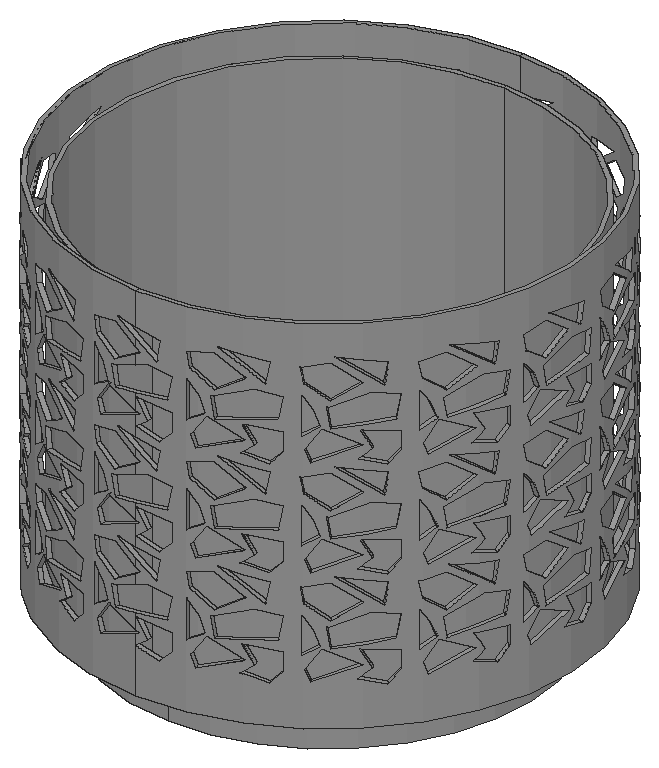
Revit family "14833 Цветочница «Филигран» малая, диаметр 600 мм Хоббика", category Антураж, Revit 2018 (continued)
Automatic sketch dimensions
  Extrusion 6 sketch curve to Extrusion 6 sketch curve = 1.161 mm  (x2)
  Extrusion 6 sketch curve to Extrusion 6 sketch curve = 17.322 mm  (x3)
  Extrusion 6 sketch curve to Extrusion 6 sketch curve = 14.512 mm  (x3)
  Extrusion 6 sketch curve to Extrusion 6 sketch curve = 12.222 mm  (x3)
  Extrusion 6 sketch curve to Extrusion 6 sketch curve = 6.775 mm  (x3)
  Extrusion 6 sketch curve to Extrusion 6 sketch curve = 8.395 mm  (x3)
  Extrusion 6 sketch curve to Extrusion 6 sketch curve = 4.105 mm  (x3)
  Extrusion 6 sketch curve to Extrusion 6 sketch curve = 6.071 mm  (x3)
  Extrusion 6 sketch curve to Extrusion 6 sketch curve = 22.659 mm  (x2)
  Extrusion 6 sketch curve to Extrusion 6 sketch curve = 3.307 mm  (x3)
  Extrusion 6 sketch curve to Extrusion 6 sketch curve = 28.051 mm  (x3)
  Extrusion 6 sketch curve to Extrusion 6 sketch curve = 0.133 mm  (x3)
  Extrusion 6 sketch curve to Extrusion 6 sketch curve = 4.057 mm  (x3)
  Extrusion 6 sketch curve to Extrusion 6 sketch curve = 8.628 mm  (x3)
  Extrusion 6 sketch curve to Extrusion 6 sketch curve = 0.747 mm  (x3)
  Extrusion 6 sketch curve to Extrusion 6 sketch curve = 12.025 mm  (x3)
  Extrusion 6 sketch curve to Extrusion 6 sketch curve = 19.647 mm  (x2)
  Extrusion 6 sketch curve to Extrusion 6 sketch curve = 10.899 mm
  Extrusion 6 sketch curve to Extrusion 6 sketch curve = 5.332 mm  (x3)
  Extrusion 6 sketch curve to Extrusion 6 sketch curve = 9.934 mm  (x3)
  Extrusion 6 sketch curve to Extrusion 6 sketch curve = 2.998 mm  (x2)
  Extrusion 6 sketch curve to Extrusion 6 sketch curve = 4.288 mm
  Extrusion 6 sketch curve to Extrusion 6 sketch curve = 3.276 mm  (x3)
  Extrusion 6 sketch curve to Extrusion 6 sketch curve = 6.92 mm
  Extrusion 6 sketch curve to Extrusion 6 sketch curve = 42.355 mm
  Extrusion 6 sketch curve to Extrusion 6 sketch curve = 12.129 mm  (x3)
  Extrusion 6 sketch curve to Extrusion 6 sketch curve = 6.863 mm  (x3)
  Extrusion 6 sketch curve to Extrusion 6 sketch curve = 7.591 mm  (x3)
  Extrusion 6 sketch curve to Extrusion 6 sketch curve = 2.502 mm  (x3)
  Extrusion 6 sketch curve to Extrusion 6 sketch curve = 18.794 mm  (x3)
  Extrusion 6 sketch curve to Extrusion 6 sketch curve = 1.999 mm  (x3)
  Extrusion 6 sketch curve to Extrusion 6 sketch curve = 0.469 mm  (x3)
  Extrusion 6 sketch curve to Extrusion 6 sketch curve = 0.813 mm  (x3)
  Extrusion 6 sketch curve to Extrusion 6 sketch curve = 12.985 mm  (x3)
  Extrusion 6 sketch curve to Extrusion 6 sketch curve = 9.416 mm  (x3)
  Extrusion 6 sketch curve to Extrusion 6 sketch curve = 17.736 mm  (x3)
  Extrusion 6 sketch curve to Extrusion 6 sketch curve = 3.915 mm  (x3)
  Extrusion 6 sketch curve to Extrusion 6 sketch curve = 13.764 mm  (x3)
  Extrusion 6 sketch curve to Extrusion 6 sketch curve = 22.054 mm  (x3)
  Extrusion 6 sketch curve to Extrusion 6 sketch curve = 14.947 mm  (x3)
  Extrusion 6 sketch curve to Extrusion 6 sketch curve = 4.066 mm  (x2)
  Extrusion 6 sketch curve to Extrusion 6 sketch curve = 7.212 mm  (x2)
  Extrusion 6 sketch curve to Extrusion 6 sketch curve = 9.476 mm  (x2)
  Extrusion 6 sketch curve to Extrusion 6 sketch curve = 16.488 mm  (x2)
  Extrusion 6 sketch curve to Extrusion 6 sketch curve = 3.775 mm  (x2)
  Extrusion 6 sketch curve to Extrusion 6 sketch curve = 10.694 mm  (x3)
  Extrusion 6 sketch curve to Extrusion 6 sketch curve = 11.353 mm  (x3)
  Extrusion 6 sketch curve to Extrusion 6 sketch curve = 18.581 mm
  Extrusion 6 sketch curve to Extrusion 6 sketch curve = 32.851 mm
  Extrusion 6 sketch curve to Extrusion 6 sketch curve = 3.9 mm
  Extrusion 7 sketch curve to Extrusion 7 sketch curve = 0 mm  (x4)
  Extrusion 7 sketch curve to Extrusion 7 sketch curve = 4.689 mm  (x4)
  Extrusion 7 sketch curve to Extrusion 7 sketch curve = 12.981 mm  (x3)
  Extrusion 7 sketch curve to Extrusion 7 sketch curve = 14.142 mm  (x4)
  Extrusion 7 sketch curve to Extrusion 7 sketch curve = 1.161 mm  (x2)
  Extrusion 7 sketch curve to Extrusion 7 sketch curve = 17.322 mm  (x3)
  Extrusion 7 sketch curve to Extrusion 7 sketch curve = 14.512 mm  (x3)
  Extrusion 7 sketch curve to Extrusion 7 sketch curve = 12.222 mm  (x3)
  Extrusion 7 sketch curve to Extrusion 7 sketch curve = 6.775 mm  (x3)
  Extrusion 7 sketch curve to Extrusion 7 sketch curve = 8.395 mm  (x3)
  Extrusion 7 sketch curve to Extrusion 7 sketch curve = 4.105 mm  (x3)
  Extrusion 7 sketch curve to Extrusion 7 sketch curve = 6.071 mm  (x3)
  Extrusion 7 sketch curve to Extrusion 7 sketch curve = 22.659 mm  (x2)
  Extrusion 7 sketch curve to Extrusion 7 sketch curve = 3.307 mm  (x3)
  Extrusion 7 sketch curve to Extrusion 7 sketch curve = 28.051 mm  (x3)
  Extrusion 7 sketch curve to Extrusion 7 sketch curve = 0.133 mm  (x3)
  Extrusion 7 sketch curve to Extrusion 7 sketch curve = 4.057 mm  (x3)
  Extrusion 7 sketch curve to Extrusion 7 sketch curve = 8.628 mm  (x3)
  Extrusion 7 sketch curve to Extrusion 7 sketch curve = 0.747 mm  (x3)
  Extrusion 7 sketch curve to Extrusion 7 sketch curve = 12.025 mm  (x3)
  Extrusion 7 sketch curve to Extrusion 7 sketch curve = 19.647 mm  (x2)
  Extrusion 7 sketch curve to Extrusion 7 sketch curve = 10.899 mm
  Extrusion 7 sketch curve to Extrusion 7 sketch curve = 5.332 mm  (x3)
  Extrusion 7 sketch curve to Extrusion 7 sketch curve = 9.934 mm  (x3)
  Extrusion 7 sketch curve to Extrusion 7 sketch curve = 2.998 mm  (x2)
  Extrusion 7 sketch curve to Extrusion 7 sketch curve = 4.288 mm
  Extrusion 7 sketch curve to Extrusion 7 sketch curve = 3.276 mm  (x3)
  Extrusion 7 sketch curve to Extrusion 7 sketch curve = 6.92 mm
  Extrusion 7 sketch curve to Extrusion 7 sketch curve = 42.355 mm
  Extrusion 7 sketch curve to Extrusion 7 sketch curve = 12.129 mm  (x3)
  Extrusion 7 sketch curve to Extrusion 7 sketch curve = 6.863 mm  (x3)
  Extrusion 7 sketch curve to Extrusion 7 sketch curve = 7.591 mm  (x3)
  Extrusion 7 sketch curve to Extrusion 7 sketch curve = 2.502 mm  (x3)
  Extrusion 7 sketch curve to Extrusion 7 sketch curve = 18.794 mm  (x3)
  Extrusion 7 sketch curve to Extrusion 7 sketch curve = 1.999 mm  (x3)
  Extrusion 7 sketch curve to Extrusion 7 sketch curve = 0.469 mm  (x3)
  Extrusion 7 sketch curve to Extrusion 7 sketch curve = 0.813 mm  (x3)
  Extrusion 7 sketch curve to Extrusion 7 sketch curve = 12.985 mm  (x3)
  Extrusion 7 sketch curve to Extrusion 7 sketch curve = 9.416 mm  (x3)
  Extrusion 7 sketch curve to Extrusion 7 sketch curve = 17.736 mm  (x3)
  Extrusion 7 sketch curve to Extrusion 7 sketch curve = 3.915 mm  (x3)
  Extrusion 7 sketch curve to Extrusion 7 sketch curve = 13.764 mm  (x3)
  Extrusion 7 sketch curve to Extrusion 7 sketch curve = 22.054 mm  (x3)
  Extrusion 7 sketch curve to Extrusion 7 sketch curve = 14.947 mm  (x3)
  Extrusion 7 sketch curve to Extrusion 7 sketch curve = 4.066 mm  (x2)
  Extrusion 7 sketch curve to Extrusion 7 sketch curve = 7.212 mm  (x2)
  Extrusion 7 sketch curve to Extrusion 7 sketch curve = 9.476 mm  (x2)
  Extrusion 7 sketch curve to Extrusion 7 sketch curve = 16.488 mm  (x2)
  Extrusion 7 sketch curve to Extrusion 7 sketch curve = 3.775 mm  (x2)
  Extrusion 7 sketch curve to Extrusion 7 sketch curve = 10.694 mm  (x3)
  Extrusion 7 sketch curve to Extrusion 7 sketch curve = 11.353 mm  (x3)
  Extrusion 7 sketch curve to Extrusion 7 sketch curve = 18.581 mm
  Extrusion 7 sketch curve to Extrusion 7 sketch curve = 32.851 mm
  Extrusion 7 sketch curve to Extrusion 7 sketch curve = 3.9 mm
  Extrusion 8 sketch curve to Extrusion 8 sketch curve = 0 mm  (x4)
  Extrusion 8 sketch curve to Extrusion 8 sketch curve = 4.689 mm  (x4)
  Extrusion 8 sketch curve to Extrusion 8 sketch curve = 12.981 mm  (x3)
  Extrusion 8 sketch curve to Extrusion 8 sketch curve = 14.142 mm  (x4)
  Extrusion 8 sketch curve to Extrusion 8 sketch curve = 1.161 mm  (x2)
  Extrusion 8 sketch curve to Extrusion 8 sketch curve = 17.322 mm  (x3)
  Extrusion 8 sketch curve to Extrusion 8 sketch curve = 14.512 mm  (x3)
  Extrusion 8 sketch curve to Extrusion 8 sketch curve = 12.222 mm  (x3)
  Extrusion 8 sketch curve to Extrusion 8 sketch curve = 6.775 mm  (x3)
  Extrusion 8 sketch curve to Extrusion 8 sketch curve = 8.395 mm  (x3)
  Extrusion 8 sketch curve to Extrusion 8 sketch curve = 4.105 mm  (x3)
  Extrusion 8 sketch curve to Extrusion 8 sketch curve = 6.071 mm  (x3)
  Extrusion 8 sketch curve to Extrusion 8 sketch curve = 22.659 mm  (x2)
  Extrusion 8 sketch curve to Extrusion 8 sketch curve = 3.307 mm  (x3)
  Extrusion 8 sketch curve to Extrusion 8 sketch curve = 28.051 mm  (x3)
  Extrusion 8 sketch curve to Extrusion 8 sketch curve = 0.133 mm  (x3)
  Extrusion 8 sketch curve to Extrusion 8 sketch curve = 4.057 mm  (x3)
  Extrusion 8 sketch curve to Extrusion 8 sketch curve = 8.628 mm  (x3)
  Extrusion 8 sketch curve to Extrusion 8 sketch curve = 0.747 mm  (x3)
  Extrusion 8 sketch curve to Extrusion 8 sketch curve = 12.025 mm  (x3)
  Extrusion 8 sketch curve to Extrusion 8 sketch curve = 19.647 mm  (x2)
  Extrusion 8 sketch curve to Extrusion 8 sketch curve = 10.899 mm
  Extrusion 8 sketch curve to Extrusion 8 sketch curve = 5.332 mm  (x3)
  Extrusion 8 sketch curve to Extrusion 8 sketch curve = 9.934 mm  (x3)
  Extrusion 8 sketch curve to Extrusion 8 sketch curve = 2.998 mm  (x2)
  Extrusion 8 sketch curve to Extrusion 8 sketch curve = 4.288 mm
  Extrusion 8 sketch curve to Extrusion 8 sketch curve = 3.276 mm  (x3)
  Extrusion 8 sketch curve to Extrusion 8 sketch curve = 6.92 mm
  Extrusion 8 sketch curve to Extrusion 8 sketch curve = 42.355 mm
  Extrusion 8 sketch curve to Extrusion 8 sketch curve = 12.129 mm  (x3)
  Extrusion 8 sketch curve to Extrusion 8 sketch curve = 6.863 mm  (x3)
  Extrusion 8 sketch curve to Extrusion 8 sketch curve = 7.591 mm  (x3)
  Extrusion 8 sketch curve to Extrusion 8 sketch curve = 2.502 mm  (x3)
  Extrusion 8 sketch curve to Extrusion 8 sketch curve = 18.794 mm  (x3)
  Extrusion 8 sketch curve to Extrusion 8 sketch curve = 1.999 mm  (x3)
  Extrusion 8 sketch curve to Extrusion 8 sketch curve = 0.469 mm  (x3)
  Extrusion 8 sketch curve to Extrusion 8 sketch curve = 0.813 mm  (x3)
  Extrusion 8 sketch curve to Extrusion 8 sketch curve = 12.985 mm  (x3)
  Extrusion 8 sketch curve to Extrusion 8 sketch curve = 9.416 mm  (x3)
  Extrusion 8 sketch curve to Extrusion 8 sketch curve = 17.736 mm  (x3)
  Extrusion 8 sketch curve to Extrusion 8 sketch curve = 3.915 mm  (x3)
  Extrusion 8 sketch curve to Extrusion 8 sketch curve = 13.764 mm  (x3)
  Extrusion 8 sketch curve to Extrusion 8 sketch curve = 22.054 mm  (x3)
  Extrusion 8 sketch curve to Extrusion 8 sketch curve = 14.947 mm  (x3)
  Extrusion 8 sketch curve to Extrusion 8 sketch curve = 4.066 mm  (x2)
  Extrusion 8 sketch curve to Extrusion 8 sketch curve = 7.212 mm  (x2)
  Extrusion 8 sketch curve to Extrusion 8 sketch curve = 9.476 mm  (x2)
  Extrusion 8 sketch curve to Extrusion 8 sketch curve = 16.488 mm  (x2)
  Extrusion 8 sketch curve to Extrusion 8 sketch curve = 3.775 mm  (x2)
  Extrusion 8 sketch curve to Extrusion 8 sketch curve = 10.694 mm  (x3)
  Extrusion 8 sketch curve to Extrusion 8 sketch curve = 11.353 mm  (x3)
  Extrusion 8 sketch curve to Extrusion 8 sketch curve = 18.581 mm
  Extrusion 8 sketch curve to Extrusion 8 sketch curve = 32.851 mm
  Extrusion 8 sketch curve to Extrusion 8 sketch curve = 3.9 mm
  Extrusion 9 sketch curve to Extrusion 9 sketch curve = 0 mm  (x4)
  Extrusion 9 sketch curve to Extrusion 9 sketch curve = 4.689 mm  (x4)
  Extrusion 9 sketch curve to Extrusion 9 sketch curve = 12.981 mm  (x3)
  Extrusion 9 sketch curve to Extrusion 9 sketch curve = 14.142 mm  (x4)
  Extrusion 9 sketch curve to Extrusion 9 sketch curve = 1.161 mm  (x2)
  Extrusion 9 sketch curve to Extrusion 9 sketch curve = 17.322 mm  (x3)
  Extrusion 9 sketch curve to Extrusion 9 sketch curve = 14.512 mm  (x3)
  Extrusion 9 sketch curve to Extrusion 9 sketch curve = 12.222 mm  (x3)
  Extrusion 9 sketch curve to Extrusion 9 sketch curve = 6.775 mm  (x3)
  Extrusion 9 sketch curve to Extrusion 9 sketch curve = 8.395 mm  (x3)
  Extrusion 9 sketch curve to Extrusion 9 sketch curve = 4.105 mm  (x3)
  Extrusion 9 sketch curve to Extrusion 9 sketch curve = 6.071 mm  (x3)
  Extrusion 9 sketch curve to Extrusion 9 sketch curve = 22.659 mm  (x2)
  Extrusion 9 sketch curve to Extrusion 9 sketch curve = 3.307 mm  (x3)
  Extrusion 9 sketch curve to Extrusion 9 sketch curve = 28.051 mm  (x3)
  Extrusion 9 sketch curve to Extrusion 9 sketch curve = 0.133 mm  (x3)
  Extrusion 9 sketch curve to Extrusion 9 sketch curve = 4.057 mm  (x3)
  Extrusion 9 sketch curve to Extrusion 9 sketch curve = 8.628 mm  (x3)
  Extrusion 9 sketch curve to Extrusion 9 sketch curve = 0.747 mm  (x3)
  Extrusion 9 sketch curve to Extrusion 9 sketch curve = 12.025 mm  (x3)
  Extrusion 9 sketch curve to Extrusion 9 sketch curve = 19.647 mm  (x2)
  Extrusion 9 sketch curve to Extrusion 9 sketch curve = 10.899 mm
  Extrusion 9 sketch curve to Extrusion 9 sketch curve = 5.332 mm  (x3)
  Extrusion 9 sketch curve to Extrusion 9 sketch curve = 9.934 mm  (x3)
  Extrusion 9 sketch curve to Extrusion 9 sketch curve = 2.998 mm  (x2)
  Extrusion 9 sketch curve to Extrusion 9 sketch curve = 4.288 mm
  Extrusion 9 sketch curve to Extrusion 9 sketch curve = 3.276 mm  (x3)
  Extrusion 9 sketch curve to Extrusion 9 sketch curve = 6.92 mm
  Extrusion 9 sketch curve to Extrusion 9 sketch curve = 42.355 mm
  Extrusion 9 sketch curve to Extrusion 9 sketch curve = 12.129 mm  (x3)
  Extrusion 9 sketch curve to Extrusion 9 sketch curve = 6.863 mm  (x3)
  Extrusion 9 sketch curve to Extrusion 9 sketch curve = 7.591 mm  (x3)
  Extrusion 9 sketch curve to Extrusion 9 sketch curve = 2.502 mm  (x3)
  Extrusion 9 sketch curve to Extrusion 9 sketch curve = 18.794 mm  (x3)
  Extrusion 9 sketch curve to Extrusion 9 sketch curve = 1.999 mm  (x3)
  Extrusion 9 sketch curve to Extrusion 9 sketch curve = 0.469 mm  (x3)
  Extrusion 9 sketch curve to Extrusion 9 sketch curve = 0.813 mm  (x3)
  Extrusion 9 sketch curve to Extrusion 9 sketch curve = 12.985 mm  (x3)
  Extrusion 9 sketch curve to Extrusion 9 sketch curve = 9.416 mm  (x3)
  Extrusion 9 sketch curve to Extrusion 9 sketch curve = 17.736 mm  (x3)
  Extrusion 9 sketch curve to Extrusion 9 sketch curve = 3.915 mm  (x3)
  Extrusion 9 sketch curve to Extrusion 9 sketch curve = 13.764 mm  (x3)
  Extrusion 9 sketch curve to Extrusion 9 sketch curve = 22.054 mm  (x3)
  Extrusion 9 sketch curve to Extrusion 9 sketch curve = 14.947 mm  (x3)
  Extrusion 9 sketch curve to Extrusion 9 sketch curve = 4.066 mm  (x2)
  Extrusion 9 sketch curve to Extrusion 9 sketch curve = 7.212 mm  (x2)
  Extrusion 9 sketch curve to Extrusion 9 sketch curve = 9.476 mm  (x2)
  Extrusion 9 sketch curve to Extrusion 9 sketch curve = 16.488 mm  (x2)
  Extrusion 9 sketch curve to Extrusion 9 sketch curve = 3.775 mm  (x2)
  Extrusion 9 sketch curve to Extrusion 9 sketch curve = 10.694 mm  (x3)
  Extrusion 9 sketch curve to Extrusion 9 sketch curve = 11.353 mm  (x3)
  Extrusion 9 sketch curve to Extrusion 9 sketch curve = 18.581 mm
  Extrusion 9 sketch curve to Extrusion 9 sketch curve = 32.851 mm
  Extrusion 9 sketch curve to Extrusion 9 sketch curve = 3.9 mm
  Extrusion 10 sketch curve to Extrusion 10 sketch curve = 0 mm  (x4)
  Extrusion 10 sketch curve to Extrusion 10 sketch curve = 4.689 mm  (x4)
  Extrusion 10 sketch curve to Extrusion 10 sketch curve = 12.981 mm  (x3)
  Extrusion 10 sketch curve to Extrusion 10 sketch curve = 14.142 mm  (x4)
  Extrusion 10 sketch curve to Extrusion 10 sketch curve = 1.161 mm  (x2)
  Extrusion 10 sketch curve to Extrusion 10 sketch curve = 17.322 mm  (x3)
  Extrusion 10 sketch curve to Extrusion 10 sketch curve = 14.512 mm  (x3)
  Extrusion 10 sketch curve to Extrusion 10 sketch curve = 12.222 mm  (x3)
  Extrusion 10 sketch curve to Extrusion 10 sketch curve = 6.775 mm  (x3)
  Extrusion 10 sketch curve to Extrusion 10 sketch curve = 8.395 mm  (x3)
  Extrusion 10 sketch curve to Extrusion 10 sketch curve = 4.105 mm  (x3)
  Extrusion 10 sketch curve to Extrusion 10 sketch curve = 6.071 mm  (x3)
  Extrusion 10 sketch curve to Extrusion 10 sketch curve = 22.659 mm  (x2)
  Extrusion 10 sketch curve to Extrusion 10 sketch curve = 3.307 mm  (x3)
  Extrusion 10 sketch curve to Extrusion 10 sketch curve = 28.051 mm  (x3)
  Extrusion 10 sketch curve to Extrusion 10 sketch curve = 0.133 mm  (x3)
  Extrusion 10 sketch curve to Extrusion 10 sketch curve = 4.057 mm  (x3)
  Extrusion 10 sketch curve to Extrusion 10 sketch curve = 8.628 mm  (x3)
  Extrusion 10 sketch curve to Extrusion 10 sketch curve = 0.747 mm  (x3)
  Extrusion 10 sketch curve to Extrusion 10 sketch curve = 12.025 mm  (x3)
  Extrusion 10 sketch curve to Extrusion 10 sketch curve = 19.647 mm  (x2)
  Extrusion 10 sketch curve to Extrusion 10 sketch curve = 10.899 mm
  Extrusion 10 sketch curve to Extrusion 10 sketch curve = 5.332 mm  (x3)
  Extrusion 10 sketch curve to Extrusion 10 sketch curve = 9.934 mm  (x3)
  Extrusion 10 sketch curve to Extrusion 10 sketch curve = 2.998 mm  (x2)
  Extrusion 10 sketch curve to Extrusion 10 sketch curve = 4.288 mm
  Extrusion 10 sketch curve to Extrusion 10 sketch curve = 3.276 mm  (x3)
  Extrusion 10 sketch curve to Extrusion 10 sketch curve = 6.92 mm
  Extrusion 10 sketch curve to Extrusion 10 sketch curve = 42.355 mm
  Extrusion 10 sketch curve to Extrusion 10 sketch curve = 12.129 mm  (x3)
  Extrusion 10 sketch curve to Extrusion 10 sketch curve = 6.863 mm  (x3)
  Extrusion 10 sketch curve to Extrusion 10 sketch curve = 7.591 mm  (x3)
  Extrusion 10 sketch curve to Extrusion 10 sketch curve = 2.502 mm  (x3)
  Extrusion 10 sketch curve to Extrusion 10 sketch curve = 18.794 mm  (x3)
  Extrusion 10 sketch curve to Extrusion 10 sketch curve = 1.999 mm  (x3)
  Extrusion 10 sketch curve to Extrusion 10 sketch curve = 0.469 mm  (x3)
  Extrusion 10 sketch curve to Extrusion 10 sketch curve = 0.813 mm  (x3)
  Extrusion 10 sketch curve to Extrusion 10 sketch curve = 12.985 mm  (x3)
  Extrusion 10 sketch curve to Extrusion 10 sketch curve = 9.416 mm  (x3)
  Extrusion 10 sketch curve to Extrusion 10 sketch curve = 17.736 mm  (x3)
  Extrusion 10 sketch curve to Extrusion 10 sketch curve = 3.915 mm  (x3)
  Extrusion 10 sketch curve to Extrusion 10 sketch curve = 13.764 mm  (x3)
  Extrusion 10 sketch curve to Extrusion 10 sketch curve = 22.054 mm  (x3)
  Extrusion 10 sketch curve to Extrusion 10 sketch curve = 14.947 mm  (x3)
  Extrusion 10 sketch curve to Extrusion 10 sketch curve = 4.066 mm  (x2)
  Extrusion 10 sketch curve to Extrusion 10 sketch curve = 7.212 mm  (x2)
  Extrusion 10 sketch curve to Extrusion 10 sketch curve = 9.476 mm  (x2)
  Extrusion 10 sketch curve to Extrusion 10 sketch curve = 16.488 mm  (x2)
  Extrusion 10 sketch curve to Extrusion 10 sketch curve = 3.775 mm  (x2)
  Extrusion 10 sketch curve to Extrusion 10 sketch curve = 10.694 mm  (x3)
  Extrusion 10 sketch curve to Extrusion 10 sketch curve = 11.353 mm  (x3)
  Extrusion 10 sketch curve to Extrusion 10 sketch curve = 18.581 mm
  Extrusion 10 sketch curve to Extrusion 10 sketch curve = 32.851 mm
  Extrusion 10 sketch curve to Extrusion 10 sketch curve = 3.9 mm
  Extrusion 11 sketch curve to Extrusion 11 sketch curve = 0 mm  (x4)
  Extrusion 11 sketch curve to Extrusion 11 sketch curve = 4.689 mm  (x4)
  Extrusion 11 sketch curve to Extrusion 11 sketch curve = 12.981 mm  (x3)
  Extrusion 11 sketch curve to Extrusion 11 sketch curve = 14.142 mm  (x4)
  Extrusion 11 sketch curve to Extrusion 11 sketch curve = 1.161 mm  (x2)
  Extrusion 11 sketch curve to Extrusion 11 sketch curve = 17.322 mm  (x3)
  Extrusion 11 sketch curve to Extrusion 11 sketch curve = 14.512 mm  (x3)
  Extrusion 11 sketch curve to Extrusion 11 sketch curve = 12.222 mm  (x3)
  Extrusion 11 sketch curve to Extrusion 11 sketch curve = 6.775 mm  (x3)
  Extrusion 11 sketch curve to Extrusion 11 sketch curve = 8.395 mm  (x3)
  Extrusion 11 sketch curve to Extrusion 11 sketch curve = 4.105 mm  (x3)
  Extrusion 11 sketch curve to Extrusion 11 sketch curve = 6.071 mm  (x3)
  Extrusion 11 sketch curve to Extrusion 11 sketch curve = 22.659 mm  (x2)
  Extrusion 11 sketch curve to Extrusion 11 sketch curve = 3.307 mm  (x3)
  Extrusion 11 sketch curve to Extrusion 11 sketch curve = 28.051 mm  (x3)
  Extrusion 11 sketch curve to Extrusion 11 sketch curve = 0.133 mm  (x3)
  Extrusion 11 sketch curve to Extrusion 11 sketch curve = 4.057 mm  (x3)
  Extrusion 11 sketch curve to Extrusion 11 sketch curve = 8.628 mm  (x3)
  Extrusion 11 sketch curve to Extrusion 11 sketch curve = 0.747 mm  (x3)
  Extrusion 11 sketch curve to Extrusion 11 sketch curve = 12.025 mm  (x3)
  Extrusion 11 sketch curve to Extrusion 11 sketch curve = 19.647 mm  (x2)
  Extrusion 11 sketch curve to Extrusion 11 sketch curve = 10.899 mm
  Extrusion 11 sketch curve to Extrusion 11 sketch curve = 5.332 mm  (x3)
  Extrusion 11 sketch curve to Extrusion 11 sketch curve = 9.934 mm  (x3)
  Extrusion 11 sketch curve to Extrusion 11 sketch curve = 2.998 mm  (x2)
  Extrusion 11 sketch curve to Extrusion 11 sketch curve = 4.288 mm
  Extrusion 11 sketch curve to Extrusion 11 sketch curve = 3.276 mm  (x3)
  Extrusion 11 sketch curve to Extrusion 11 sketch curve = 6.92 mm
  Extrusion 11 sketch curve to Extrusion 11 sketch curve = 42.355 mm
  Extrusion 11 sketch curve to Extrusion 11 sketch curve = 12.129 mm  (x3)
  Extrusion 11 sketch curve to Extrusion 11 sketch curve = 6.863 mm  (x3)
  Extrusion 11 sketch curve to Extrusion 11 sketch curve = 7.591 mm  (x3)
  Extrusion 11 sketch curve to Extrusion 11 sketch curve = 2.502 mm  (x3)
  Extrusion 11 sketch curve to Extrusion 11 sketch curve = 18.794 mm  (x3)
  Extrusion 11 sketch curve to Extrusion 11 sketch curve = 1.999 mm  (x3)
  Extrusion 11 sketch curve to Extrusion 11 sketch curve = 0.469 mm  (x3)
  Extrusion 11 sketch curve to Extrusion 11 sketch curve = 0.813 mm  (x3)
  Extrusion 11 sketch curve to Extrusion 11 sketch curve = 12.985 mm  (x3)
  Extrusion 11 sketch curve to Extrusion 11 sketch curve = 9.416 mm  (x3)
  Extrusion 11 sketch curve to Extrusion 11 sketch curve = 17.736 mm  (x3)
  Extrusion 11 sketch curve to Extrusion 11 sketch curve = 3.915 mm  (x3)
  Extrusion 11 sketch curve to Extrusion 11 sketch curve = 13.764 mm  (x3)
  Extrusion 11 sketch curve to Extrusion 11 sketch curve = 22.054 mm  (x3)
  Extrusion 11 sketch curve to Extrusion 11 sketch curve = 14.947 mm  (x3)
  Extrusion 11 sketch curve to Extrusion 11 sketch curve = 4.066 mm  (x2)
  Extrusion 11 sketch curve to Extrusion 11 sketch curve = 7.212 mm  (x2)
  Extrusion 11 sketch curve to Extrusion 11 sketch curve = 9.476 mm  (x2)
  Extrusion 11 sketch curve to Extrusion 11 sketch curve = 16.488 mm  (x2)
  Extrusion 11 sketch curve to Extrusion 11 sketch curve = 3.775 mm  (x2)
  Extrusion 11 sketch curve to Extrusion 11 sketch curve = 10.694 mm  (x3)
  Extrusion 11 sketch curve to Extrusion 11 sketch curve = 11.353 mm  (x3)
  Extrusion 11 sketch curve to Extrusion 11 sketch curve = 18.581 mm
  Extrusion 11 sketch curve to Extrusion 11 sketch curve = 32.851 mm
  Extrusion 11 sketch curve to Extrusion 11 sketch curve = 3.9 mm
  Extrusion 12 sketch curve to Extrusion 12 sketch curve = 0 mm  (x4)
  Extrusion 12 sketch curve to Extrusion 12 sketch curve = 4.689 mm  (x4)
  Extrusion 12 sketch curve to Extrusion 12 sketch curve = 12.981 mm  (x3)
  Extrusion 12 sketch curve to Extrusion 12 sketch curve = 14.142 mm  (x4)
  Extrusion 12 sketch curve to Extrusion 12 sketch curve = 1.161 mm  (x2)
  Extrusion 12 sketch curve to Extrusion 12 sketch curve = 17.322 mm  (x3)
  Extrusion 12 sketch curve to Extrusion 12 sketch curve = 14.512 mm  (x3)
  Extrusion 12 sketch curve to Extrusion 12 sketch curve = 12.222 mm  (x3)
  Extrusion 12 sketch curve to Extrusion 12 sketch curve = 6.775 mm  (x3)
  Extrusion 12 sketch curve to Extrusion 12 sketch curve = 8.395 mm  (x3)
  Extrusion 12 sketch curve to Extrusion 12 sketch curve = 4.105 mm  (x3)
  Extrusion 12 sketch curve to Extrusion 12 sketch curve = 6.071 mm  (x3)
  Extrusion 12 sketch curve to Extrusion 12 sketch curve = 22.659 mm  (x2)
  Extrusion 12 sketch curve to Extrusion 12 sketch curve = 3.307 mm  (x3)
  Extrusion 12 sketch curve to Extrusion 12 sketch curve = 28.051 mm  (x3)
  Extrusion 12 sketch curve to Extrusion 12 sketch curve = 0.133 mm  (x3)
  Extrusion 12 sketch curve to Extrusion 12 sketch curve = 4.057 mm  (x3)
  Extrusion 12 sketch curve to Extrusion 12 sketch curve = 8.628 mm  (x3)
  Extrusion 12 sketch curve to Extrusion 12 sketch curve = 0.747 mm  (x3)
  Extrusion 12 sketch curve to Extrusion 12 sketch curve = 12.025 mm  (x3)
  Extrusion 12 sketch curve to Extrusion 12 sketch curve = 19.647 mm  (x2)
  Extrusion 12 sketch curve to Extrusion 12 sketch curve = 10.899 mm
  Extrusion 12 sketch curve to Extrusion 12 sketch curve = 5.332 mm  (x3)
  Extrusion 12 sketch curve to Extrusion 12 sketch curve = 9.934 mm  (x3)
  Extrusion 12 sketch curve to Extrusion 12 sketch curve = 2.998 mm  (x2)
  Extrusion 12 sketch curve to Extrusion 12 sketch curve = 4.288 mm
  Extrusion 12 sketch curve to Extrusion 12 sketch curve = 3.276 mm  (x3)
  Extrusion 12 sketch curve to Extrusion 12 sketch curve = 6.92 mm
  Extrusion 12 sketch curve to Extrusion 12 sketch curve = 42.355 mm
  Extrusion 12 sketch curve to Extrusion 12 sketch curve = 12.129 mm  (x3)
  Extrusion 12 sketch curve to Extrusion 12 sketch curve = 6.863 mm  (x3)
  Extrusion 12 sketch curve to Extrusion 12 sketch curve = 7.591 mm  (x3)
  Extrusion 12 sketch curve to Extrusion 12 sketch curve = 2.502 mm  (x3)
  Extrusion 12 sketch curve to Extrusion 12 sketch curve = 18.794 mm  (x3)
  Extrusion 12 sketch curve to Extrusion 12 sketch curve = 1.999 mm  (x3)
  Extrusion 12 sketch curve to Extrusion 12 sketch curve = 0.469 mm  (x3)
  Extrusion 12 sketch curve to Extrusion 12 sketch curve = 0.813 mm  (x3)
  Extrusion 12 sketch curve to Extrusion 12 sketch curve = 12.985 mm  (x3)
  Extrusion 12 sketch curve to Extrusion 12 sketch curve = 9.416 mm  (x3)
  Extrusion 12 sketch curve to Extrusion 12 sketch curve = 17.736 mm  (x3)
  Extrusion 12 sketch curve to Extrusion 12 sketch curve = 3.915 mm  (x3)
  Extrusion 12 sketch curve to Extrusion 12 sketch curve = 13.764 mm  (x3)
  Extrusion 12 sketch curve to Extrusion 12 sketch curve = 22.054 mm  (x3)
  Extrusion 12 sketch curve to Extrusion 12 sketch curve = 14.947 mm  (x3)
  Extrusion 12 sketch curve to Extrusion 12 sketch curve = 4.066 mm  (x2)
  Extrusion 12 sketch curve to Extrusion 12 sketch curve = 7.212 mm  (x2)
  Extrusion 12 sketch curve to Extrusion 12 sketch curve = 9.476 mm  (x2)
  Extrusion 12 sketch curve to Extrusion 12 sketch curve = 16.488 mm  (x2)
  Extrusion 12 sketch curve to Extrusion 12 sketch curve = 3.775 mm  (x2)
  Extrusion 12 sketch curve to Extrusion 12 sketch curve = 10.694 mm  (x3)
  Extrusion 12 sketch curve to Extrusion 12 sketch curve = 11.353 mm  (x3)
  Extrusion 12 sketch curve to Extrusion 12 sketch curve = 18.581 mm
  Extrusion 12 sketch curve to Extrusion 12 sketch curve = 32.851 mm
  Extrusion 12 sketch curve to Extrusion 12 sketch curve = 3.9 mm
  Extrusion 13 sketch curve to Extrusion 13 sketch curve = 0 mm  (x4)
  Extrusion 13 sketch curve to Extrusion 13 sketch curve = 4.689 mm  (x4)
  Extrusion 13 sketch curve to Extrusion 13 sketch curve = 12.981 mm  (x3)
  Extrusion 13 sketch curve to Extrusion 13 sketch curve = 14.142 mm  (x4)
  Extrusion 13 sketch curve to Extrusion 13 sketch curve = 1.161 mm  (x2)
  Extrusion 13 sketch curve to Extrusion 13 sketch curve = 17.322 mm  (x3)
  Extrusion 13 sketch curve to Extrusion 13 sketch curve = 14.512 mm  (x3)
  Extrusion 13 sketch curve to Extrusion 13 sketch curve = 12.222 mm  (x3)
  Extrusion 13 sketch curve to Extrusion 13 sketch curve = 6.775 mm  (x3)
  Extrusion 13 sketch curve to Extrusion 13 sketch curve = 8.395 mm  (x3)
  Extrusion 13 sketch curve to Extrusion 13 sketch curve = 4.105 mm  (x3)
  Extrusion 13 sketch curve to Extrusion 13 sketch curve = 6.071 mm  (x3)
  Extrusion 13 sketch curve to Extrusion 13 sketch curve = 22.659 mm  (x2)
  Extrusion 13 sketch curve to Extrusion 13 sketch curve = 3.307 mm  (x3)
  Extrusion 13 sketch curve to Extrusion 13 sketch curve = 28.051 mm  (x3)
  Extrusion 13 sketch curve to Extrusion 13 sketch curve = 0.133 mm  (x3)
  Extrusion 13 sketch curve to Extrusion 13 sketch curve = 4.057 mm  (x3)
  Extrusion 13 sketch curve to Extrusion 13 sketch curve = 8.628 mm  (x3)
  Extrusion 13 sketch curve to Extrusion 13 sketch curve = 0.747 mm  (x3)
  Extrusion 13 sketch curve to Extrusion 13 sketch curve = 12.025 mm  (x3)
  Extrusion 13 sketch curve to Extrusion 13 sketch curve = 19.647 mm  (x2)
  Extrusion 13 sketch curve to Extrusion 13 sketch curve = 10.899 mm
  Extrusion 13 sketch curve to Extrusion 13 sketch curve = 5.332 mm  (x3)
  Extrusion 13 sketch curve to Extrusion 13 sketch curve = 9.934 mm  (x3)
  Extrusion 13 sketch curve to Extrusion 13 sketch curve = 2.998 mm  (x2)
  Extrusion 13 sketch curve to Extrusion 13 sketch curve = 4.288 mm
  Extrusion 13 sketch curve to Extrusion 13 sketch curve = 3.276 mm  (x3)
  Extrusion 13 sketch curve to Extrusion 13 sketch curve = 6.92 mm
  Extrusion 13 sketch curve to Extrusion 13 sketch curve = 42.355 mm
  Extrusion 13 sketch curve to Extrusion 13 sketch curve = 12.129 mm  (x3)
  Extrusion 13 sketch curve to Extrusion 13 sketch curve = 6.863 mm  (x3)
  Extrusion 13 sketch curve to Extrusion 13 sketch curve = 7.591 mm  (x3)
  Extrusion 13 sketch curve to Extrusion 13 sketch curve = 2.502 mm  (x3)
  Extrusion 13 sketch curve to Extrusion 13 sketch curve = 18.794 mm  (x3)
  Extrusion 13 sketch curve to Extrusion 13 sketch curve = 1.999 mm  (x3)
  Extrusion 13 sketch curve to Extrusion 13 sketch curve = 0.469 mm  (x3)
  Extrusion 13 sketch curve to Extrusion 13 sketch curve = 0.813 mm  (x3)
  Extrusion 13 sketch curve to Extrusion 13 sketch curve = 12.985 mm  (x3)
  Extrusion 13 sketch curve to Extrusion 13 sketch curve = 9.416 mm  (x3)
  Extrusion 13 sketch curve to Extrusion 13 sketch curve = 17.736 mm  (x3)
  Extrusion 13 sketch curve to Extrusion 13 sketch curve = 3.915 mm  (x3)
  Extrusion 13 sketch curve to Extrusion 13 sketch curve = 13.764 mm  (x3)
  Extrusion 13 sketch curve to Extrusion 13 sketch curve = 22.054 mm  (x3)
  Extrusion 13 sketch curve to Extrusion 13 sketch curve = 14.947 mm  (x3)
  Extrusion 13 sketch curve to Extrusion 13 sketch curve = 4.066 mm  (x2)
  Extrusion 13 sketch curve to Extrusion 13 sketch curve = 7.212 mm  (x2)
  Extrusion 13 sketch curve to Extrusion 13 sketch curve = 9.476 mm  (x2)
  Extrusion 13 sketch curve to Extrusion 13 sketch curve = 16.488 mm  (x2)
  Extrusion 13 sketch curve to Extrusion 13 sketch curve = 3.775 mm  (x2)
  Extrusion 13 sketch curve to Extrusion 13 sketch curve = 10.694 mm  (x3)
  Extrusion 13 sketch curve to Extrusion 13 sketch curve = 11.353 mm  (x3)
  Extrusion 13 sketch curve to Extrusion 13 sketch curve = 18.581 mm
  Extrusion 13 sketch curve to Extrusion 13 sketch curve = 32.851 mm
  Extrusion 13 sketch curve to Extrusion 13 sketch curve = 3.9 mm
  Extrusion 14 sketch curve to Extrusion 14 sketch curve = 0 mm  (x4)
  Extrusion 14 sketch curve to Extrusion 14 sketch curve = 4.689 mm  (x4)
  Extrusion 14 sketch curve to Extrusion 14 sketch curve = 12.981 mm  (x3)
  Extrusion 14 sketch curve to Extrusion 14 sketch curve = 14.142 mm  (x4)
  Extrusion 14 sketch curve to Extrusion 14 sketch curve = 1.161 mm  (x2)
  Extrusion 14 sketch curve to Extrusion 14 sketch curve = 17.322 mm  (x3)
  Extrusion 14 sketch curve to Extrusion 14 sketch curve = 14.512 mm  (x3)
  Extrusion 14 sketch curve to Extrusion 14 sketch curve = 12.222 mm  (x3)
  Extrusion 14 sketch curve to Extrusion 14 sketch curve = 6.775 mm  (x3)
  Extrusion 14 sketch curve to Extrusion 14 sketch curve = 8.395 mm  (x3)
  Extrusion 14 sketch curve to Extrusion 14 sketch curve = 4.105 mm  (x3)
  Extrusion 14 sketch curve to Extrusion 14 sketch curve = 6.071 mm  (x3)
  Extrusion 14 sketch curve to Extrusion 14 sketch curve = 22.659 mm  (x2)
  Extrusion 14 sketch curve to Extrusion 14 sketch curve = 3.307 mm  (x3)
  Extrusion 14 sketch curve to Extrusion 14 sketch curve = 28.051 mm  (x3)
  Extrusion 14 sketch curve to Extrusion 14 sketch curve = 0.133 mm  (x3)
  Extrusion 14 sketch curve to Extrusion 14 sketch curve = 4.057 mm  (x3)
  Extrusion 14 sketch curve to Extrusion 14 sketch curve = 8.628 mm  (x3)
  Extrusion 14 sketch curve to Extrusion 14 sketch curve = 0.747 mm  (x3)
  Extrusion 14 sketch curve to Extrusion 14 sketch curve = 12.025 mm  (x3)
  Extrusion 14 sketch curve to Extrusion 14 sketch curve = 19.647 mm  (x2)
  Extrusion 14 sketch curve to Extrusion 14 sketch curve = 10.899 mm
  Extrusion 14 sketch curve to Extrusion 14 sketch curve = 5.332 mm  (x3)
  Extrusion 14 sketch curve to Extrusion 14 sketch curve = 9.934 mm  (x3)
  Extrusion 14 sketch curve to Extrusion 14 sketch curve = 2.998 mm  (x2)
  Extrusion 14 sketch curve to Extrusion 14 sketch curve = 4.288 mm
  Extrusion 14 sketch curve to Extrusion 14 sketch curve = 3.276 mm  (x3)
  Extrusion 14 sketch curve to Extrusion 14 sketch curve = 6.92 mm
  Extrusion 14 sketch curve to Extrusion 14 sketch curve = 42.355 mm
  Extrusion 14 sketch curve to Extrusion 14 sketch curve = 12.129 mm  (x3)
  Extrusion 14 sketch curve to Extrusion 14 sketch curve = 6.863 mm  (x3)
  Extrusion 14 sketch curve to Extrusion 14 sketch curve = 7.591 mm  (x3)
  Extrusion 14 sketch curve to Extrusion 14 sketch curve = 2.502 mm  (x3)
  Extrusion 14 sketch curve to Extrusion 14 sketch curve = 18.794 mm  (x3)
  Extrusion 14 sketch curve to Extrusion 14 sketch curve = 1.999 mm  (x3)
  Extrusion 14 sketch curve to Extrusion 14 sketch curve = 0.469 mm  (x3)
  Extrusion 14 sketch curve to Extrusion 14 sketch curve = 0.813 mm  (x3)
  Extrusion 14 sketch curve to Extrusion 14 sketch curve = 12.985 mm  (x3)
  Extrusion 14 sketch curve to Extrusion 14 sketch curve = 9.416 mm  (x3)
  Extrusion 14 sketch curve to Extrusion 14 sketch curve = 17.736 mm  (x3)
  Extrusion 14 sketch curve to Extrusion 14 sketch curve = 3.915 mm  (x3)
  Extrusion 14 sketch curve to Extrusion 14 sketch curve = 13.764 mm  (x3)
  Extrusion 14 sketch curve to Extrusion 14 sketch curve = 22.054 mm  (x3)
  Extrusion 14 sketch curve to Extrusion 14 sketch curve = 14.947 mm  (x3)
  Extrusion 14 sketch curve to Extrusion 14 sketch curve = 4.066 mm  (x2)
  Extrusion 14 sketch curve to Extrusion 14 sketch curve = 7.212 mm  (x2)
  Extrusion 14 sketch curve to Extrusion 14 sketch curve = 9.476 mm  (x2)
  Extrusion 14 sketch curve to Extrusion 14 sketch curve = 16.488 mm  (x2)
  Extrusion 14 sketch curve to Extrusion 14 sketch curve = 3.775 mm  (x2)
  Extrusion 14 sketch curve to Extrusion 14 sketch curve = 10.694 mm  (x3)
  Extrusion 14 sketch curve to Extrusion 14 sketch curve = 11.353 mm  (x3)
  Extrusion 14 sketch curve to Extrusion 14 sketch curve = 18.581 mm
  Extrusion 14 sketch curve to Extrusion 14 sketch curve = 32.851 mm
  Extrusion 14 sketch curve to Extrusion 14 sketch curve = 3.9 mm
  Extrusion 15 sketch curve to Extrusion 15 sketch curve = 0 mm  (x4)
  Extrusion 15 sketch curve to Extrusion 15 sketch curve = 4.689 mm  (x4)
  Extrusion 15 sketch curve to Extrusion 15 sketch curve = 12.981 mm  (x3)
  Extrusion 15 sketch curve to Extrusion 15 sketch curve = 14.142 mm  (x4)
  Extrusion 15 sketch curve to Extrusion 15 sketch curve = 1.161 mm  (x2)
  Extrusion 15 sketch curve to Extrusion 15 sketch curve = 17.322 mm  (x3)
  Extrusion 15 sketch curve to Extrusion 15 sketch curve = 14.512 mm  (x3)
  Extrusion 15 sketch curve to Extrusion 15 sketch curve = 12.222 mm  (x3)
  Extrusion 15 sketch curve to Extrusion 15 sketch curve = 6.775 mm  (x3)
  Extrusion 15 sketch curve to Extrusion 15 sketch curve = 8.395 mm  (x3)
  Extrusion 15 sketch curve to Extrusion 15 sketch curve = 4.105 mm  (x3)
  Extrusion 15 sketch curve to Extrusion 15 sketch curve = 6.071 mm  (x3)
  Extrusion 15 sketch curve to Extrusion 15 sketch curve = 22.659 mm  (x2)
  Extrusion 15 sketch curve to Extrusion 15 sketch curve = 3.307 mm  (x3)
  Extrusion 15 sketch curve to Extrusion 15 sketch curve = 28.051 mm  (x3)
  Extrusion 15 sketch curve to Extrusion 15 sketch curve = 0.133 mm  (x3)
  Extrusion 15 sketch curve to Extrusion 15 sketch curve = 4.057 mm  (x3)
  Extrusion 15 sketch curve to Extrusion 15 sketch curve = 8.628 mm  (x3)
  Extrusion 15 sketch curve to Extrusion 15 sketch curve = 0.747 mm  (x3)
  Extrusion 15 sketch curve to Extrusion 15 sketch curve = 12.025 mm  (x3)
  Extrusion 15 sketch curve to Extrusion 15 sketch curve = 19.647 mm  (x2)
  Extrusion 15 sketch curve to Extrusion 15 sketch curve = 10.899 mm
  Extrusion 15 sketch curve to Extrusion 15 sketch curve = 5.332 mm  (x3)
  Extrusion 15 sketch curve to Extrusion 15 sketch curve = 9.934 mm  (x3)
  Extrusion 15 sketch curve to Extrusion 15 sketch curve = 2.998 mm  (x2)
  Extrusion 15 sketch curve to Extrusion 15 sketch curve = 4.288 mm
  Extrusion 15 sketch curve to Extrusion 15 sketch curve = 3.276 mm  (x3)
  Extrusion 15 sketch curve to Extrusion 15 sketch curve = 6.92 mm
  Extrusion 15 sketch curve to Extrusion 15 sketch curve = 42.355 mm
  Extrusion 15 sketch curve to Extrusion 15 sketch curve = 12.129 mm  (x3)
  Extrusion 15 sketch curve to Extrusion 15 sketch curve = 6.863 mm  (x3)
  Extrusion 15 sketch curve to Extrusion 15 sketch curve = 7.591 mm  (x3)
  Extrusion 15 sketch curve to Extrusion 15 sketch curve = 2.502 mm  (x3)
  Extrusion 15 sketch curve to Extrusion 15 sketch curve = 18.794 mm  (x3)
  Extrusion 15 sketch curve to Extrusion 15 sketch curve = 1.999 mm  (x3)
  Extrusion 15 sketch curve to Extrusion 15 sketch curve = 0.469 mm  (x3)
  Extrusion 15 sketch curve to Extrusion 15 sketch curve = 0.813 mm  (x3)
  Extrusion 15 sketch curve to Extrusion 15 sketch curve = 12.985 mm  (x3)
  Extrusion 15 sketch curve to Extrusion 15 sketch curve = 9.416 mm  (x3)
  Extrusion 15 sketch curve to Extrusion 15 sketch curve = 17.736 mm  (x3)
  Extrusion 15 sketch curve to Extrusion 15 sketch curve = 3.915 mm  (x3)
  Extrusion 15 sketch curve to Extrusion 15 sketch curve = 13.764 mm  (x3)
  Extrusion 15 sketch curve to Extrusion 15 sketch curve = 22.054 mm  (x3)
  Extrusion 15 sketch curve to Extrusion 15 sketch curve = 14.947 mm  (x3)
  Extrusion 15 sketch curve to Extrusion 15 sketch curve = 4.066 mm  (x2)
  Extrusion 15 sketch curve to Extrusion 15 sketch curve = 7.212 mm  (x2)
  Extrusion 15 sketch curve to Extrusion 15 sketch curve = 9.476 mm  (x2)
  Extrusion 15 sketch curve to Extrusion 15 sketch curve = 16.488 mm  (x2)
  Extrusion 15 sketch curve to Extrusion 15 sketch curve = 3.775 mm  (x2)
  Extrusion 15 sketch curve to Extrusion 15 sketch curve = 10.694 mm  (x3)
  Extrusion 15 sketch curve to Extrusion 15 sketch curve = 11.353 mm  (x3)
  Extrusion 15 sketch curve to Extrusion 15 sketch curve = 18.581 mm
  Extrusion 15 sketch curve to Extrusion 15 sketch curve = 32.851 mm
  Extrusion 15 sketch curve to Extrusion 15 sketch curve = 3.9 mm
  Extrusion 16 sketch curve to Extrusion 16 sketch curve = 0 mm  (x4)
  Extrusion 16 sketch curve to Extrusion 16 sketch curve = 4.689 mm  (x4)
  Extrusion 16 sketch curve to Extrusion 16 sketch curve = 12.981 mm  (x3)
  Extrusion 16 sketch curve to Extrusion 16 sketch curve = 14.142 mm  (x4)
  Extrusion 16 sketch curve to Extrusion 16 sketch curve = 1.161 mm  (x2)
  Extrusion 16 sketch curve to Extrusion 16 sketch curve = 17.322 mm  (x3)
  Extrusion 16 sketch curve to Extrusion 16 sketch curve = 14.512 mm  (x3)
  Extrusion 16 sketch curve to Extrusion 16 sketch curve = 12.222 mm  (x3)
  Extrusion 16 sketch curve to Extrusion 16 sketch curve = 6.775 mm  (x3)
  Extrusion 16 sketch curve to Extrusion 16 sketch curve = 8.395 mm  (x3)
  Extrusion 16 sketch curve to Extrusion 16 sketch curve = 4.105 mm  (x3)
  Extrusion 16 sketch curve to Extrusion 16 sketch curve = 6.071 mm  (x3)
  Extrusion 16 sketch curve to Extrusion 16 sketch curve = 22.659 mm  (x2)
  Extrusion 16 sketch curve to Extrusion 16 sketch curve = 3.307 mm  (x3)
  Extrusion 16 sketch curve to Extrusion 16 sketch curve = 28.051 mm  (x3)
  Extrusion 16 sketch curve to Extrusion 16 sketch curve = 0.133 mm  (x3)
  Extrusion 16 sketch curve to Extrusion 16 sketch curve = 4.057 mm  (x3)
  Extrusion 16 sketch curve to Extrusion 16 sketch curve = 8.628 mm  (x3)
  Extrusion 16 sketch curve to Extrusion 16 sketch curve = 0.747 mm  (x3)
  Extrusion 16 sketch curve to Extrusion 16 sketch curve = 12.025 mm  (x3)
  Extrusion 16 sketch curve to Extrusion 16 sketch curve = 19.647 mm  (x2)
  Extrusion 16 sketch curve to Extrusion 16 sketch curve = 10.899 mm
  Extrusion 16 sketch curve to Extrusion 16 sketch curve = 5.332 mm  (x3)
  Extrusion 16 sketch curve to Extrusion 16 sketch curve = 9.934 mm  (x3)
  Extrusion 16 sketch curve to Extrusion 16 sketch curve = 2.998 mm  (x2)
  Extrusion 16 sketch curve to Extrusion 16 sketch curve = 4.288 mm
  Extrusion 16 sketch curve to Extrusion 16 sketch curve = 3.276 mm  (x3)
  Extrusion 16 sketch curve to Extrusion 16 sketch curve = 6.92 mm
  Extrusion 16 sketch curve to Extrusion 16 sketch curve = 42.355 mm
  Extrusion 16 sketch curve to Extrusion 16 sketch curve = 12.129 mm  (x3)
  Extrusion 16 sketch curve to Extrusion 16 sketch curve = 6.863 mm  (x3)
  Extrusion 16 sketch curve to Extrusion 16 sketch curve = 7.591 mm  (x3)
  Extrusion 16 sketch curve to Extrusion 16 sketch curve = 2.502 mm  (x3)
  Extrusion 16 sketch curve to Extrusion 16 sketch curve = 18.794 mm  (x3)
  Extrusion 16 sketch curve to Extrusion 16 sketch curve = 1.999 mm  (x3)
  Extrusion 16 sketch curve to Extrusion 16 sketch curve = 0.469 mm  (x3)
  Extrusion 16 sketch curve to Extrusion 16 sketch curve = 0.813 mm  (x3)
  Extrusion 16 sketch curve to Extrusion 16 sketch curve = 12.985 mm  (x3)
  Extrusion 16 sketch curve to Extrusion 16 sketch curve = 9.416 mm  (x3)
  Extrusion 16 sketch curve to Extrusion 16 sketch curve = 17.736 mm  (x3)
  Extrusion 16 sketch curve to Extrusion 16 sketch curve = 3.915 mm  (x3)
  Extrusion 16 sketch curve to Extrusion 16 sketch curve = 13.764 mm  (x3)
  Extrusion 16 sketch curve to Extrusion 16 sketch curve = 22.054 mm  (x3)
  Extrusion 16 sketch curve to Extrusion 16 sketch curve = 14.947 mm  (x3)
  Extrusion 16 sketch curve to Extrusion 16 sketch curve = 4.066 mm  (x2)
  Extrusion 16 sketch curve to Extrusion 16 sketch curve = 7.212 mm  (x2)
  Extrusion 16 sketch curve to Extrusion 16 sketch curve = 9.476 mm  (x2)
  Extrusion 16 sketch curve to Extrusion 16 sketch curve = 16.488 mm  (x2)
  Extrusion 16 sketch curve to Extrusion 16 sketch curve = 3.775 mm  (x2)
  Extrusion 16 sketch curve to Extrusion 16 sketch curve = 10.694 mm  (x3)
  Extrusion 16 sketch curve to Extrusion 16 sketch curve = 11.353 mm  (x3)
  Extrusion 16 sketch curve to Extrusion 16 sketch curve = 18.581 mm
  Extrusion 16 sketch curve to Extrusion 16 sketch curve = 32.851 mm
  Extrusion 16 sketch curve to Extrusion 16 sketch curve = 3.9 mm
  Extrusion 17 sketch curve to Extrusion 17 sketch curve = 0 mm  (x4)
  Extrusion 17 sketch curve to Extrusion 17 sketch curve = 4.689 mm  (x4)
  Extrusion 17 sketch curve to Extrusion 17 sketch curve = 12.981 mm  (x3)
  Extrusion 17 sketch curve to Extrusion 17 sketch curve = 14.142 mm  (x4)
  Extrusion 17 sketch curve to Extrusion 17 sketch curve = 1.161 mm  (x2)
  Extrusion 17 sketch curve to Extrusion 17 sketch curve = 17.322 mm  (x3)
  Extrusion 17 sketch curve to Extrusion 17 sketch curve = 14.512 mm  (x3)
  Extrusion 17 sketch curve to Extrusion 17 sketch curve = 12.222 mm  (x3)
  Extrusion 17 sketch curve to Extrusion 17 sketch curve = 6.775 mm  (x3)
  Extrusion 17 sketch curve to Extrusion 17 sketch curve = 8.395 mm  (x3)
  Extrusion 17 sketch curve to Extrusion 17 sketch curve = 4.105 mm  (x3)
  Extrusion 17 sketch curve to Extrusion 17 sketch curve = 6.071 mm  (x3)
  Extrusion 17 sketch curve to Extrusion 17 sketch curve = 22.659 mm  (x2)
  Extrusion 17 sketch curve to Extrusion 17 sketch curve = 3.307 mm  (x3)
  Extrusion 17 sketch curve to Extrusion 17 sketch curve = 28.051 mm  (x3)
  Extrusion 17 sketch curve to Extrusion 17 sketch curve = 0.133 mm  (x3)
  Extrusion 17 sketch curve to Extrusion 17 sketch curve = 4.057 mm  (x3)
  Extrusion 17 sketch curve to Extrusion 17 sketch curve = 8.628 mm  (x3)
  Extrusion 17 sketch curve to Extrusion 17 sketch curve = 0.747 mm  (x3)
  Extrusion 17 sketch curve to Extrusion 17 sketch curve = 12.025 mm  (x3)
  Extrusion 17 sketch curve to Extrusion 17 sketch curve = 19.647 mm  (x2)
  Extrusion 17 sketch curve to Extrusion 17 sketch curve = 10.899 mm
  Extrusion 17 sketch curve to Extrusion 17 sketch curve = 5.332 mm  (x3)
  Extrusion 17 sketch curve to Extrusion 17 sketch curve = 9.934 mm  (x3)
  Extrusion 17 sketch curve to Extrusion 17 sketch curve = 2.998 mm  (x2)
  Extrusion 17 sketch curve to Extrusion 17 sketch curve = 4.288 mm
  Extrusion 17 sketch curve to Extrusion 17 sketch curve = 3.276 mm  (x3)
  Extrusion 17 sketch curve to Extrusion 17 sketch curve = 6.92 mm
  Extrusion 17 sketch curve to Extrusion 17 sketch curve = 42.355 mm
  Extrusion 17 sketch curve to Extrusion 17 sketch curve = 12.129 mm  (x3)
  Extrusion 17 sketch curve to Extrusion 17 sketch curve = 6.863 mm  (x3)
  Extrusion 17 sketch curve to Extrusion 17 sketch curve = 7.591 mm  (x3)
  Extrusion 17 sketch curve to Extrusion 17 sketch curve = 2.502 mm  (x3)
  Extrusion 17 sketch curve to Extrusion 17 sketch curve = 18.794 mm  (x3)
  Extrusion 17 sketch curve to Extrusion 17 sketch curve = 1.999 mm  (x3)
  Extrusion 17 sketch curve to Extrusion 17 sketch curve = 0.469 mm  (x3)
  Extrusion 17 sketch curve to Extrusion 17 sketch curve = 0.813 mm  (x3)
  Extrusion 17 sketch curve to Extrusion 17 sketch curve = 12.985 mm  (x3)
  Extrusion 17 sketch curve to Extrusion 17 sketch curve = 9.416 mm  (x3)
  Extrusion 17 sketch curve to Extrusion 17 sketch curve = 17.736 mm  (x3)
  Extrusion 17 sketch curve to Extrusion 17 sketch curve = 3.915 mm  (x3)
  Extrusion 17 sketch curve to Extrusion 17 sketch curve = 13.764 mm  (x3)
  Extrusion 17 sketch curve to Extrusion 17 sketch curve = 22.054 mm  (x3)
  Extrusion 17 sketch curve to Extrusion 17 sketch curve = 14.947 mm  (x3)
  Extrusion 17 sketch curve to Extrusion 17 sketch curve = 4.066 mm  (x2)
  Extrusion 17 sketch curve to Extrusion 17 sketch curve = 7.212 mm  (x2)
  Extrusion 17 sketch curve to Extrusion 17 sketch curve = 9.476 mm  (x2)
  Extrusion 17 sketch curve to Extrusion 17 sketch curve = 16.488 mm  (x2)
  Extrusion 17 sketch curve to Extrusion 17 sketch curve = 3.775 mm  (x2)
  Extrusion 17 sketch curve to Extrusion 17 sketch curve = 10.694 mm  (x3)
  Extrusion 17 sketch curve to Extrusion 17 sketch curve = 11.353 mm  (x3)
  Extrusion 17 sketch curve to Extrusion 17 sketch curve = 18.581 mm
  Extrusion 17 sketch curve to Extrusion 17 sketch curve = 32.851 mm
  Extrusion 17 sketch curve to Extrusion 17 sketch curve = 3.9 mm
  Extrusion 18 sketch curve to Extrusion 18 sketch curve = 0 mm  (x4)
  Extrusion 18 sketch curve to Extrusion 18 sketch curve = 4.689 mm  (x4)
  Extrusion 18 sketch curve to Extrusion 18 sketch curve = 12.981 mm  (x3)
  Extrusion 18 sketch curve to Extrusion 18 sketch curve = 14.142 mm  (x4)
  Extrusion 18 sketch curve to Extrusion 18 sketch curve = 1.161 mm  (x2)
  Extrusion 18 sketch curve to Extrusion 18 sketch curve = 17.322 mm  (x3)
  Extrusion 18 sketch curve to Extrusion 18 sketch curve = 14.512 mm  (x3)
  Extrusion 18 sketch curve to Extrusion 18 sketch curve = 12.222 mm  (x3)
  Extrusion 18 sketch curve to Extrusion 18 sketch curve = 6.775 mm  (x3)
  Extrusion 18 sketch curve to Extrusion 18 sketch curve = 8.395 mm  (x3)
  Extrusion 18 sketch curve to Extrusion 18 sketch curve = 4.105 mm  (x3)
  Extrusion 18 sketch curve to Extrusion 18 sketch curve = 6.071 mm  (x3)
  Extrusion 18 sketch curve to Extrusion 18 sketch curve = 22.659 mm  (x2)
  Extrusion 18 sketch curve to Extrusion 18 sketch curve = 3.307 mm  (x3)
  Extrusion 18 sketch curve to Extrusion 18 sketch curve = 28.051 mm  (x3)
  Extrusion 18 sketch curve to Extrusion 18 sketch curve = 0.133 mm  (x3)
  Extrusion 18 sketch curve to Extrusion 18 sketch curve = 4.057 mm  (x3)
  Extrusion 18 sketch curve to Extrusion 18 sketch curve = 8.628 mm  (x3)
  Extrusion 18 sketch curve to Extrusion 18 sketch curve = 0.747 mm  (x3)
  Extrusion 18 sketch curve to Extrusion 18 sketch curve = 12.025 mm  (x3)
  Extrusion 18 sketch curve to Extrusion 18 sketch curve = 19.647 mm  (x2)
  Extrusion 18 sketch curve to Extrusion 18 sketch curve = 10.899 mm
  Extrusion 18 sketch curve to Extrusion 18 sketch curve = 5.332 mm  (x3)
  Extrusion 18 sketch curve to Extrusion 18 sketch curve = 9.934 mm  (x3)
  Extrusion 18 sketch curve to Extrusion 18 sketch curve = 2.998 mm  (x2)
  Extrusion 18 sketch curve to Extrusion 18 sketch curve = 4.288 mm
  Extrusion 18 sketch curve to Extrusion 18 sketch curve = 3.276 mm  (x3)
  Extrusion 18 sketch curve to Extrusion 18 sketch curve = 6.92 mm
  Extrusion 18 sketch curve to Extrusion 18 sketch curve = 42.355 mm
  Extrusion 18 sketch curve to Extrusion 18 sketch curve = 12.129 mm  (x3)
  Extrusion 18 sketch curve to Extrusion 18 sketch curve = 6.863 mm  (x3)
  Extrusion 18 sketch curve to Extrusion 18 sketch curve = 7.591 mm  (x3)
  Extrusion 18 sketch curve to Extrusion 18 sketch curve = 2.502 mm  (x3)
  Extrusion 18 sketch curve to Extrusion 18 sketch curve = 18.794 mm  (x3)
  Extrusion 18 sketch curve to Extrusion 18 sketch curve = 1.999 mm  (x3)
  Extrusion 18 sketch curve to Extrusion 18 sketch curve = 0.469 mm  (x3)
  Extrusion 18 sketch curve to Extrusion 18 sketch curve = 0.813 mm  (x3)
  Extrusion 18 sketch curve to Extrusion 18 sketch curve = 12.985 mm  (x3)
  Extrusion 18 sketch curve to Extrusion 18 sketch curve = 9.416 mm  (x3)
  Extrusion 18 sketch curve to Extrusion 18 sketch curve = 17.736 mm  (x3)
  Extrusion 18 sketch curve to Extrusion 18 sketch curve = 3.915 mm  (x3)
  Extrusion 18 sketch curve to Extrusion 18 sketch curve = 13.764 mm  (x3)
  Extrusion 18 sketch curve to Extrusion 18 sketch curve = 22.054 mm  (x3)
  Extrusion 18 sketch curve to Extrusion 18 sketch curve = 14.947 mm  (x3)
  Extrusion 18 sketch curve to Extrusion 18 sketch curve = 4.066 mm  (x2)
  Extrusion 18 sketch curve to Extrusion 18 sketch curve = 7.212 mm  (x2)
  Extrusion 18 sketch curve to Extrusion 18 sketch curve = 9.476 mm  (x2)
  Extrusion 18 sketch curve to Extrusion 18 sketch curve = 16.488 mm  (x2)
  Extrusion 18 sketch curve to Extrusion 18 sketch curve = 3.775 mm  (x2)
  Extrusion 18 sketch curve to Extrusion 18 sketch curve = 10.694 mm  (x3)
  Extrusion 18 sketch curve to Extrusion 18 sketch curve = 11.353 mm  (x3)
  Extrusion 18 sketch curve to Extrusion 18 sketch curve = 18.581 mm
  Extrusion 18 sketch curve to Extrusion 18 sketch curve = 32.851 mm
  Extrusion 18 sketch curve to Extrusion 18 sketch curve = 3.9 mm
